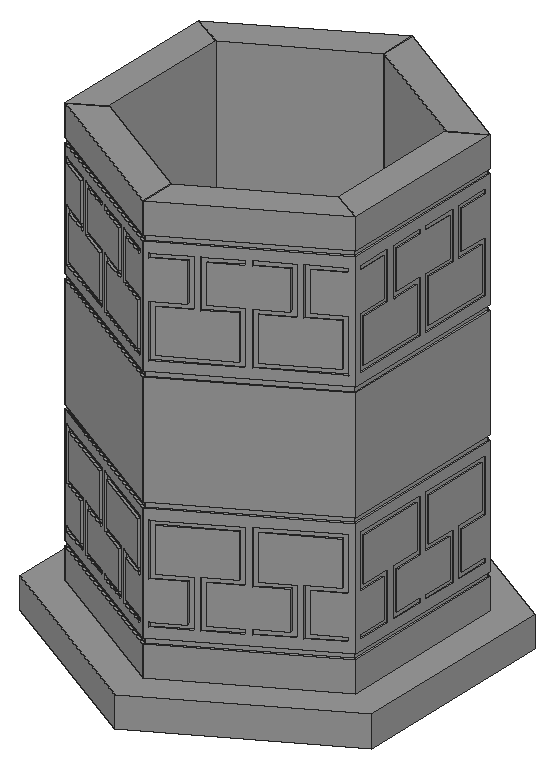
Revit family "Урна бетонная 4", category Антураж, Revit 2017
Family settings
  На основе рабочей плоскости = Нет
  Всегда вертикально = Да
  При загрузке вырезать с полостями = Нет
  Источник визуального образа = Геометрия семейства
  Общий = Нет
  Точка расчета площади = Нет
Parameters (values of type "Урна бетонная 4")
  Стоимость = 4320
  Изготовитель = "ООО «Хоббика»"
  Высота = 0 mm
  URL = "https://hobbyka.ru/product/urna_betonnaya_4/?sphrase_id=88647"
  ADSK_Размер_Ширина = 430 mm
  ADSK_Размер_Длина = 400 mm
  ADSK_Размер_Высота = 600 mm
  ADSK_Объем = 0.00 m³
  ADSK_Наименование = "Урна бетонная 4"
  ADSK_Материал урны = Бетон
  ADSK_Масса = 0.00 kg
  ADSK_Код изделия = "10023"
Reference planes
  plane 1 "По центру (Вперед/Назад)": y = 0
  plane 2: z = 0
  plane 3 "По центру (Влево/Вправо)": x = 0
Forms (mm)
  Extrusion 1, solid, material "Бетон" <- "ADSK_Материал урны"
    sketch origin (0, 0, 0) x (1, 0, 0) y (0, 1, 0)
      loop
        line (0, 200) -> (-173.205, 100) -> (-173.205, -100) -> (0, -200) -> (173.205, -100) -> (173.205, 100) -> (0, 200)
    from 0 to 30
Dimensions and locks
  nested 1 to level = 450 mm
  aligned and locked: level to plane 2
Nested families
  nested 1: "Семейство1" at (113.205, 0, 30) x (0, 1, 0) z (0, 0, 1), ADSK_Материал урны <- "ADSK_Материал урны", type "Семейство1"
    with ADSK_Материал урны Бетон
  nested 2: "Семейство1" at (56.603, 98.038, 30) x (-0.866, 0.5, 0) z (0, 0, 1), ADSK_Материал урны <- "ADSK_Материал урны", type "Семейство1"
    with ADSK_Материал урны Бетон
  nested 3: "Семейство1" at (-56.603, 98.038, 30) x (-0.866, -0.5, 0) z (0, 0, 1), ADSK_Материал урны <- "ADSK_Материал урны", type "Семейство1"
    with ADSK_Материал урны Бетон
  nested 4: "Семейство1" at (-113.205, 0, 30) x (0, -1, 0) z (0, 0, 1), ADSK_Материал урны <- "ADSK_Материал урны", type "Семейство1"
    with ADSK_Материал урны Бетон
  nested 5: "Семейство1" at (-56.603, -98.038, 30) x (0.866, -0.5, 0) z (0, 0, 1), ADSK_Материал урны <- "ADSK_Материал урны", type "Семейство1"
    with ADSK_Материал урны Бетон
  nested 6: "Семейство1" at (56.603, -98.038, 30) x (0.866, 0.5, 0) z (0, 0, 1), ADSK_Материал урны <- "ADSK_Материал урны", type "Семейство1"
    with ADSK_Материал урны Бетон
Definition of nested family "Семейство1"
  Parameters (values of type "Семейство1")
    Height = 0 mm
    ADSK_Материал урны [instance] = none
  Reference planes
    plane 1 "По центру (Вперед/Назад)": y = 0
    plane 2: z = 0
    plane 3 "По центру (Влево/Вправо)": x = 0
  Forms (mm)
    Extrusion 1, solid, material <- "ADSK_Материал урны"
      sketch origin (0, 0, 0) x (1, 0, 0) y (0, 1, 0)
        loop
          line (-65.359, 0) -> (-82.679, -30) -> (82.679, -30) -> (65.359, 0) -> (-65.359, 0)
      from 0 to 420
    Extrusion 2, void
      sketch origin (0, 0, 0) x (1, 0, 0) y (0, 0, 1)
        loop
          line (-82.679, 390) -> (-82.679, 385) -> (82.679, 385) -> (82.679, 390) -> (-82.679, 390)
        loop
          line (-77.679, 370) -> (-47.59, 370) -> (-47.59, 332.5) -> (-77.679, 332.5) -> (-77.679, 280) -> (-2.5, 280) -> (-2.5, 332.5) -> (-32.59, 332.5) -> (-32.59, 370) -> (-2.5, 370) -> (-2.5, 375) -> (-37.59, 375) -> (-37.59, 327.5) -> (-7.5, 327.5) -> (-7.5, 285) -> (-72.679, 285) -> (-72.679, 327.5) -> (-42.59, 327.5) -> (-42.59, 375) -> (-77.679, 375) -> (-77.679, 370)
        loop
          line (2.5, 375) -> (2.5, 370) -> (32.59, 370) -> (32.59, 332.5) -> (2.5, 332.5) -> (2.5, 280) -> (77.679, 280) -> (77.679, 332.5) -> (47.59, 332.5) -> (47.59, 370) -> (77.679, 370) -> (77.679, 375) -> (42.59, 375) -> (42.59, 327.5) -> (72.679, 327.5) -> (72.679, 285) -> (7.5, 285) -> (7.5, 327.5) -> (37.59, 327.5) -> (37.59, 375) -> (2.5, 375)
        loop
          line (-82.679, 270) -> (-82.679, 265) -> (82.679, 265) -> (82.679, 270) -> (-82.679, 270)
        loop
          line (82.679, 155) -> (-82.679, 155) -> (-82.679, 150) -> (82.679, 150) -> (82.679, 155)
        loop
          line (-2.5, 140) -> (-77.679, 140) -> (-77.679, 87.5) -> (-47.59, 87.5) -> (-47.59, 50) -> (-77.679, 50) -> (-77.679, 45) -> (-42.59, 45) -> (-42.59, 92.5) -> (-72.679, 92.5) -> (-72.679, 135) -> (-7.5, 135) -> (-7.5, 92.5) -> (-37.59, 92.5) -> (-37.59, 45) -> (-2.5, 45) -> (-2.5, 50) -> (-32.59, 50) -> (-32.59, 87.5) -> (-2.5, 87.5) -> (-2.5, 140)
        loop
          line (2.5, 87.5) -> (32.59, 87.5) -> (32.59, 50) -> (2.5, 50) -> (2.5, 45) -> (37.59, 45) -> (37.59, 92.5) -> (7.5, 92.5) -> (7.5, 135) -> (72.679, 135) -> (72.679, 92.5) -> (42.59, 92.5) -> (42.59, 45) -> (77.679, 45) -> (77.679, 50) -> (47.59, 50) -> (47.59, 87.5) -> (77.679, 87.5) -> (77.679, 140) -> (2.5, 140) -> (2.5, 87.5)
        loop
          line (-82.679, 35) -> (-82.679, 30) -> (82.679, 30) -> (82.679, 35) -> (-82.679, 35)
      from 28 to 30
  Cuts and joins
    Extrusion 2 cuts Extrusion 1
  Dimensions and locks
    aligned and locked: level to plane 2
    aligned and locked: Extrusion 1 to Extrusion 2
